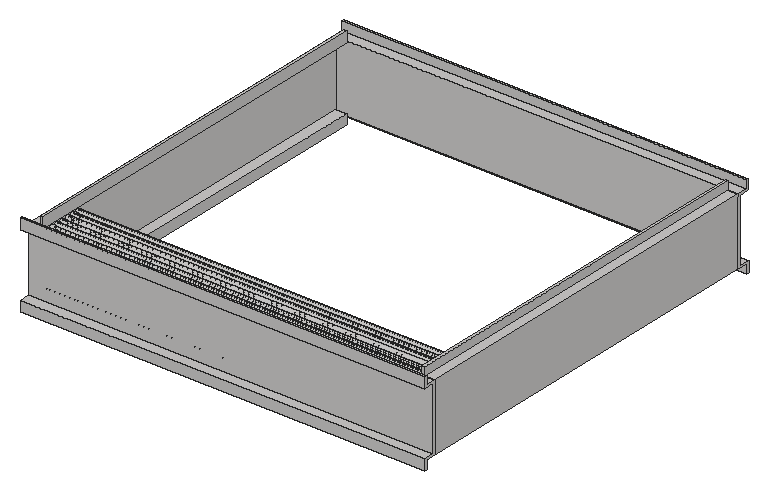
Revit family "Damper_Volume_Control-Carnes-Galvanized-Channel_Frame-FDQB", category Duct Accessories, host Face, Revit 2012
Parameters (values of type "FDQB")
  ecoScorecard_data = ""
  ecoScorecard Product Page = "http://ecoscorecard.com/"
  Width = 24"
  Warranty URL = "http://www.carnes.com/GeneralCatalogs/termcond.pdf"
  URL = "http://www.carnes.com/index.html"
  Subcategory = "Louvers and Dampers"  # constant formula
  Spec Sheet URL = "http://www.carnes.com/Louvers/pdf/17165.pdf"
  Product Page URL = "http://www.carnes.com/Louvers/FD.htm"
  Product Line = "Volume Control Dampers"  # constant formula
  Offset = 1"
  Model = "FDQB"  # constant formula
  Minimum Size = "6\"W x 6\"H"
  Maximum Vertical Size = "48\"W x 60\"H (Single Section), Multi-section unlimited"
  Maximum System Velocity = 3500 FPM  # constant formula
  Maximum System Pressure = 0.42 in-wg  # constant formula
  Maximum Size Note = ""
  Maximum Horinzontal Size = "48\"W x 60\"H (Single Section, Multi-section unlimited"
  Manufacturer Phone = "608-845-6411"  # constant formula
  Manufacturer Fax = "608-845-6470"  # constant formula
  Manufacturer Email = "mailto:carnes@carnes.com"
  Manufacturer Address = "448 S. Main St., P. O. Box 930040, Verona, WI 53593-0040"  # constant formula
  Manufacturer = "CARNES COMPANY"  # constant formula
  Installation and Maintenance URL = "http://www.carnes.com/FireDampers/pdf/40001.pdf"
  Height = 24"
  Free Area Note = "See Spec Sheet URL"
  Frame Material = Metal - Carnes - Steel - Galvanized
  Fire Closure Device = ""
  Duct Connector 2 = "Duct Connection 2"  # constant formula
  Duct Connector 1 = "Duct Connection 1"  # constant formula
  Description = "Volume Control Dampers"  # constant formula
  Depth = 5"
  Default Elevation = 0"
  Cost Info = "mailto:carnes@carnes.com"
  Catalog URL = "http://www.carnes.com/Louvers/pdf/f85-97.pdf"
  Blades Length = Actual Width - 1 1/2"  # 22 1/2"
  Blade Material = Metal - Carnes - Steel - Galvanized
  Assembly Code = "B2010300"
  Actual Width = if(Width < 6", 6", if(Width > 72", 72", Width))  # 24"
  Actual Height = if(Height < 6", 6", if(Height > 72", 72", Height))  # 24"
  95 CSI = "10200"  # constant formula
  04 CSI = "08 91 00"  # constant formula
Reference planes (in)
  plane 1 "Center (Front/Back)": y = 0
  plane 2: z = 0
  plane 3 "Center (Left/Right)": x = 0
  plane 4: x = -12
  plane 5: x = 12
  plane 6: y = 12
  plane 7: y = -12
  plane 8: y = -10.9375
  plane 9: x = -11.20993
  plane 10: x = 11.20993
  plane 11: z = -1.5
  plane 12: y = -11.47734
  plane 13: x = 10.20993
  plane 14: z = -3.375
  plane 15: z = -1
  plane 16: y = -9.48917
  plane 17: z = 0.09375
  plane 18: z = 3.5
  plane 19: z = -2.09375
  plane 20: z = -5.5
Forms (in)
  Extrusion 1, void
    sketch origin (0, 0, 0) x (1, 0, 0) y (0, 1, 0)
      loop
        line (12, -12) -> (12, 12) -> (-12, 12) -> (-12, -12) -> (12, -12)
    from 0 to -32.56442
  Sweep 2, solid, material "Metal - Carnes - Steel - Galvanized" <- "Frame Material", detail levels medium+fine
    path origin (0, -21.84066, -1) x (-1, 0, 0) y (0, -1, 0)
      loop
        line (-12, -33.09066) -> (-12, -10.59066)
    profile "Profile : Profile" origin (12, 0, -1) x (1, 0, 0) y (0, 0, 1)
      loop
        line (-0.625, 2.5) -> (-0.75, 2.5) -> (-0.75, 1.875) -> (-0.125, 1.875) -> (-0.125, -1.875) -> (-0.75, -1.875) -> (-0.75, -2.5) -> (-0.625, -2.5) -> (-0.625, -2) -> (0, -2) -> (0, 2) -> (-0.625, 2) -> (-0.625, 2.5)
  Sweep 3, solid, material "Metal - Carnes - Steel - Galvanized" <- "Frame Material", detail levels coarse
    path origin (0, -21.84066, -1) x (-1, 0, 0) y (0, -1, 0)
      loop
        line (0, -9.84066) -> (0, -33.84066)
    profile origin (0, 0, -1) x (-1, 0, 0) y (0, 0, 1)
      loop
        line (-12, 2.5) -> (-12, -2.5) -> (12, -2.5) -> (12, 2.5) -> (-12, 2.5)
  Sweep 4, solid, material "Metal - Carnes - Steel - Galvanized" <- "Frame Material", detail levels medium+fine
    path origin (0, -21.84066, -1) x (-1, 0, 0) y (0, -1, 0)
      loop
        line (12, -33.09066) -> (12, -10.59066)
    profile "Profile : Profile" origin (-12, 0, -1) x (1, 0, 0) y (0, 0, 1)
      loop
        line (0.625, 2.5) -> (0.625, 2) -> (0, 2) -> (0, -2) -> (0.625, -2) -> (0.625, -2.5) -> (0.75, -2.5) -> (0.75, -1.875) -> (0.125, -1.875) -> (0.125, 1.875) -> (0.75, 1.875) -> (0.75, 2.5) -> (0.625, 2.5)
  Sweep 5, solid, material "Metal - Carnes - Steel - Galvanized" <- "Frame Material", detail levels medium+fine
    path origin (0, -21.84066, -1) x (-1, 0, 0) y (0, -1, 0)
      loop
        line (12, -9.84066) -> (-12, -9.84066)
    profile "Profile : Profile" origin (0, -12, -1) x (0, 1, 0) y (0, 0, 1)
      loop
        line (0.125, 2.5) -> (0, 2.5) -> (0, 1.875) -> (0.625, 1.875) -> (0.625, -1.875) -> (0, -1.875) -> (0, -2.5) -> (0.125, -2.5) -> (0.125, -2) -> (0.75, -2) -> (0.75, 2) -> (0.125, 2) -> (0.125, 2.5)
  Sweep 6, solid, material "Metal - Carnes - Steel - Galvanized" <- "Frame Material", detail levels medium+fine
    path origin (0, 20.34066, -1) x (1, 0, 0) y (0, 1, 0)
      loop
        line (-12, -8.34066) -> (12, -8.34066)
    profile "Profile : Profile" origin (0, 12, -1) x (0, 1, 0) y (0, 0, 1)
      loop
        line (-0.125, 2.5) -> (-0.125, 2) -> (-0.75, 2) -> (-0.75, -2) -> (-0.125, -2) -> (-0.125, -2.5) -> (0, -2.5) -> (0, -1.875) -> (-0.625, -1.875) -> (-0.625, 1.875) -> (0, 1.875) -> (0, 2.5) -> (-0.125, 2.5)
Lines and regions (in)
  symbolic lines, style "Damper"
    curve 1: line (12, 12, -1) -> (12, -12, -1)
    curve 2: line (-12, 12, -1) -> (12, 12, -1)
    curve 3: line (-12, -12, -1) -> (-12, 12, -1)
    curve 4: line (12, -12, -1) -> (-12, -12, -1)
  symbolic lines, style "Damper", detail levels medium+fine
    curve 5: line (11.25, 11, -1) -> (-11.25, 11, -1)
    curve 6: line (-11.25, 11, -1) -> (-11.25, -11.25, -1)
    curve 7: line (-12, -11.25, -1) -> (12, -11.25, -1)
    curve 8: line (11.25, -11.25, -1) -> (11.25, 11, -1)
Dimensions and locks (in)
  equal spacing: plane 7, plane 1 "Center (Front/Back)", plane 6
  equal spacing: plane 4, plane 3 "Center (Left/Right)", plane 5
  "Actual Width": plane 4 to plane 5
  "Actual Height": plane 6 to plane 7
  locked: plane 7 to plane 8 at 1.0625
  locked: plane 4 to plane 9 at 0.79007
  locked: plane 10 to plane 5 at 0.79007
  locked: plane 12 to plane 7 at 0.52266
  locked: plane 13 to plane 10 at 1
  locked: plane 14 to plane 15 at 2.375
  locked: plane 16 to plane 8 at 1.44833
  "Offset": level to plane 15
  locked: plane 17 to plane 18 at 3.40625
  locked: plane 15 to plane 17 at 1.09375
  locked: plane 15 to plane 19 at 1.09375
  locked: plane 19 to plane 20 at 3.40625
  equal spacing: Sweep 3 sketch curve, plane 3 "Center (Left/Right)", Sweep 3 sketch curve
  "Actual Width": Sweep 3 sketch curve to Sweep 3 sketch curve
  aligned and locked: plane 2 to host face
  aligned and locked: level to host face
  aligned and locked: plane 5 to Extrusion 1 sketch curve
  aligned and locked: plane 7 to Extrusion 1 sketch curve
  aligned and locked: Extrusion 1 sketch curve to plane 4
  aligned and locked: Extrusion 1 sketch curve to plane 6
  aligned and locked: Extrusion 1 to level
  aligned: nested 1 to plane 15  (x3)
  aligned: plane 12 to nested 1
  aligned and locked: plane 6 to Sweep 3 sketch curve
  aligned and locked: plane 7 to Sweep 3 sketch curve
  aligned and locked: plane 3 "Center (Left/Right)" to Sweep 3 sketch curve
  aligned and locked: curve 1 to Sweep 2
  aligned: curve 8 to Sweep 2
  aligned: nested 1 to Sweep 2
  aligned and locked: plane 4 to Sweep 4 sketch curve
  aligned and locked: Sweep 5 sketch curve to plane 7
  aligned and locked: plane 4 to Sweep 5 sketch curve
  aligned and locked: plane 5 to Sweep 5 sketch curve
  aligned and locked: Sweep 5 to Sweep 4 sketch curve
  aligned and locked: nested 1 to Sweep 5
  aligned and locked: Sweep 2 sketch curve to Sweep 5
  aligned and locked: Sweep 6 sketch curve to plane 6
  aligned and locked: plane 5 to Sweep 6 sketch curve
  aligned and locked: plane 4 to Sweep 6 sketch curve
  aligned and locked: Sweep 6 to Sweep 2 sketch curve
  aligned and locked: Sweep 4 sketch curve to Sweep 6
  aligned and locked: curve 6 to Sweep 4
  aligned and locked: curve 7 to Sweep 5
  aligned and locked: curve 8 to Sweep 2
  aligned and locked: nested 1 to Sweep 4
  aligned and locked: Sweep 3 sketch curve to Sweep 5  (x2)
  aligned and locked: nested 1 to plane 15
  aligned and locked: nested 2 to plane 15
  aligned and locked: nested 2 to nested 1
  aligned and locked: nested 3 to nested 2
  aligned and locked: nested 3 to plane 15
  aligned and locked: nested 4 to nested 3
  aligned and locked: nested 4 to plane 15
  aligned and locked: nested 5 to plane 15
  aligned and locked: nested 5 to nested 4
  aligned and locked: nested 6 to nested 5
  aligned and locked: nested 7 to nested 6
  aligned and locked: nested 7 to plane 15
  aligned and locked: nested 6 to plane 15
Automatic sketch dimensions
  host sketch curve to host sketch curve = 96"  (x2)
  Sweep 2 sketch curve to plane 5 = 0"
  curve 3 to plane 4 = 0"
  curve 3 to plane 6 = 0"
  plane 7 to curve 1 = 0"
  curve 6 to plane 6 = 1"
Nested families (in)
  nested 1: "Blade" at (0, -11.25, -2.90552), type "Blades", detail levels fine
  nested 2: "Blade" at (0, -10.85234, -2.90552), type "Blades", detail levels fine
  nested 3: "Blade" at (0, -10.45467, -2.90552), type "Blades", detail levels fine
  nested 4: "Blade" at (0, -10.05701, -2.90552), type "Blades", detail levels fine
  nested 5: "Blade" at (0, -9.65935, -2.90552), type "Blades", detail levels fine
  nested 6: "Blade" at (0, -9.26169, -2.90552), type "Blades", detail levels fine
  nested 7: "Blade" at (0, -8.86402, -2.90552), type "Blades", detail levels fine
Connectors (in)
  hvac at (0, 0, 1.5), driven by "Actual Height", driven by "Actual Width", driven by "Duct Connector 1"
    settings: on Sweep 3, index 1, duct flow 0 CFM, flow factor 0, pres drop 0.00 in-wg, loss coef 0, conn angle 0.00°, conn width 24", conn height 24", conn radius 12", duct sys type 1, conn prof type 1, flow config 0, flow direction 0, loss method 0, conn ref index 2, conn util no, is conn primary yes, conn desc "Duct Connection 1"
  hvac at (0, 0, -3.5), driven by "Actual Height", driven by "Actual Width", driven by "Duct Connector 2"
    settings: on Sweep 3, index 2, duct flow 0 CFM, flow factor 0, pres drop 0.00 in-wg, loss coef 0, conn angle 0.00°, conn width 24", conn height 24", conn radius 12", duct sys type 1, conn prof type 1, flow config 0, flow direction 0, loss method 0, conn ref index 1, conn util no, is conn primary no, conn desc "Duct Connection 2"
Definition of nested family "Blade"
  Parameters (values of type "Blades")
    Width = 22 1/2"
    Unit = Metal - Carnes - Steel - Galvanized
    Assembly Code = ""
  Reference planes (in)
    plane 1 "Center (Front/Back)": y = 0
    plane 2: z = 0
    plane 3 "Center (Left/Right)": x = 0
    plane 4: x = -11.25
    plane 5: x = 11.25
    plane 6: z = 3.75
    plane 7: z = 0.12354
    plane 8: y = 0.39766
    plane 9: z = 3.6875
    plane 10: z = 1.90552
  Forms (in)
    Extrusion 1, solid, material "Metal - Carnes - Steel - Galvanized" <- "Unit"
      sketch origin (0, 0, 0.35938) x (0, 1, 0) y (0, 0, 1)
        loop
          arc (0.23008, 2.93293) -> (0.19883, 3.32812) -> (0.16758, 2.93293) r 0.19883
          line (0.16758, 2.93293) -> (0.16758, 0.15936)
          arc (0.16758, 0.15936) -> (0.19883, -0.23583) -> (0.23008, 0.15936) r 0.19883
          line (0.23008, 0.15936) -> (0.23008, 2.93293)
        loop
          circle (0.19883, -0.037) r 0.13633
        loop
          circle (0.19883, 3.12929) r 0.13633
      from -11.25 to 11.25
  Lines and regions (in)
    symbolic lines, style "Damper"
      curve 1: line (-11.25, 0.39763, 0) -> (11.25, 0.39763, 0)
      curve 2: line (11.25, 0, 0) -> (-11.25, 0, 0)
      curve 3: line (-11.25, 0, 0) -> (-11.25, 0.39763, 0)
      curve 4: line (11.25, 0, 0) -> (11.25, 0.39763, 0)
  Dimensions and locks (in)
    equal spacing: plane 4, plane 3 "Center (Left/Right)", plane 5
    "Width": plane 4 to plane 5
    plane 6 to level = 3 3/4"  (x2)
    locked: plane 6 to plane 9 at 0.0625
    aligned and locked: level to plane 2
    aligned and locked: plane 4 to Extrusion 1
    aligned and locked: plane 5 to Extrusion 1
    aligned and locked: curve 2 to plane 1 "Center (Front/Back)"
    aligned and locked: curve 3 to plane 4
    aligned and locked: plane 5 to curve 4
  Automatic sketch dimensions
    plane 8 to curve 3 = 0.00003"
    Extrusion 1 sketch curve to Extrusion 1 sketch curve = 0"  (x5)
    Extrusion 1 sketch curve to plane 1 "Center (Front/Back)" = 0.16758"
    Extrusion 1 sketch curve to Extrusion 1 sketch curve = 1/32"
    Extrusion 1 sketch curve to plane 1 "Center (Front/Back)" = 0.19883"
    Extrusion 1 sketch curve to plane 7 = 0.19883"
    Extrusion 1 sketch curve to Extrusion 1 sketch curve = 0.19636"  (x2)
    Extrusion 1 sketch curve to plane 9 = 0.39519"
    radius of Extrusion 1 sketch curve = 0.13633"  (x2)
